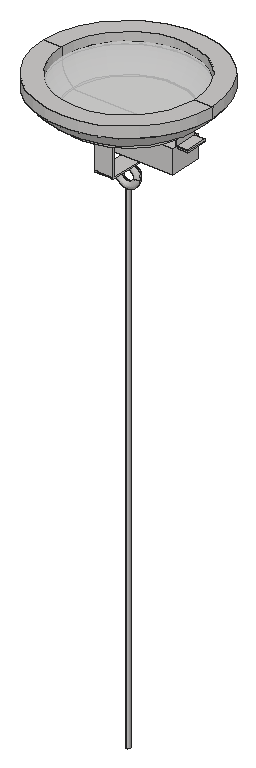
Revit family "0039310", category Lighting Fixtures, host Face, Revit 2017
Family settings
  Host = Face
  Round Connector Dimension = Use Diameter
  Part Type = Normal
  OmniClass Number = 23.80.70.11.17
  OmniClass Title = Specialized Lighting by Location or Use
  Cut with Voids When Loaded = No
  Light Source = Yes
  Shared = No
  Room Calculation Point = No
Parameters (values of type "START LED HIGHBAY 4000K 10KLM EB WIDE")
  Weight = 2.5 kg
  Wattage = 95 W
  built-in parameter 1150110 = 1 (stored number, unit not read)
  Voltage Comments = "UNV (Universal Voltage; 220-240 Volt)"  # constant formula
  Voltage = 230 V  # constant formula
  URL = "https://www.sylvania-lighting.com"
  Radius = 140.2 mm
  Mounting Material = Metal_Sylvania_Start LED HighBay_Silver
  Mounting Height = 1000.0 mm
  Mounting Radius = 50.0 mm
  Mounting Brackets Distance = Radius - 45.5 mm  # 94.7 mm
  Mounting Bracket Width = 100.0 mm
  Mounting Bracket Length = 30.0 mm
  Housing Material = Magnesium_Sylvania_Start LED HighBay_Silver_RAL 9006
  Energy Class = "A++,A+,A"  # constant formula
  Electrical Protection = "CLASS I"  # constant formula
  Diffuser Radius = Radius - 30.0 mm  # 110.2 mm
  built-in parameter 1114217 = 1 (stored number, unit not read)
  Tilt Angle = -90°
  built-in parameter 1150109 = 1 (stored number, unit not read)
  built-in parameter 1150134 = 12
  built-in parameter 1150113 = 1 (stored number, unit not read)
  Product Page URL = "https://www.sylvania-lighting.com/product/en-int/products/0039310"
  Product Family = "Start LED Highbay"  # constant formula
  Photometry Comments = ""
  Photometric Web File = "0039310_STARTLEDHIGHBAY4000K10KLMEBWIDE-192550.ies"
  Life = "50 000 h"  # constant formula
  IP Rating = "IP65"  # constant formula
  IK Rating = "IK08"  # constant formula
  Emit from Circle Diameter = Diffuser Diameter  # 220.4 mm
  Drive Current = "2450 mA"
  Diffuser Diameter = Diameter - 60.0 mm  # 220.4 mm
  Diffuser Material = Polycarbonate_Sylvania_Start LED HighBay_Clear
  built-in parameter 1114216 [instance] = 1 (stored number, unit not read)
  Model = "START LED HIGHBAY 4000K 10KLM EB WIDE"
  Manufacturer = "Feilo-Sylvania Group"
  built-in parameter 1150105 = 840.51 (stored number, unit not read)
  Lumens = 10562.1 lm
  built-in parameter 1150115 = 1 (stored number, unit not read)
  built-in parameter 1150137 = (empty or 0)
  built-in parameter 1150139 = (empty or 0)
  built-in parameter 1150112 = 1 (stored number, unit not read)
  built-in parameter 1150114 = 1 (stored number, unit not read)
  Lamp = "LED Panel"  # constant formula
  built-in parameter 1150132 = 2
  built-in parameter 1150102 = (empty or 0)
  built-in parameter 1150107 = 4000 (stored number, unit not read)
  built-in parameter 1150138 = (empty or 0)
  built-in parameter 1150106 = 8.4051 (stored number, unit not read)
  Diameter = Radius * 2  # 280.4 mm
  Emit Shape Visible in Rendering = yes
  built-in parameter 1150104 = 10.329 (stored number, unit not read)
  Dimming Lamp Color Temperature Shift = <None>
  Description = "The new Start LED Highbay is a range of industrial fixtures developed for retail, industry, manufacturing, airports and data centres. Start LED Highbay delivers high performance: up to 21,573 lm (luminaire lumen output on 190W version) and delivers up to 114 lm/W (total system efficiency). Start LED Highbay is available in 2 versions (95W or 190W) and 2 beam angles (medium or wide beam), allowing you to choose the best option depending the job on hand. Being part of the EVO LED range of luminaires means Start LED Highbay has been developed for efficiency, functionality and reliability; making it the go-to range for installers and contractors."  # constant formula
  Default Elevation = 0.0 mm
  Color Filter = 16777215
  Catalog Number = "0039310 START LED HIGHBAY 4000K 10KLM EB WIDE"
  built-in parameter 1140040 [instance] = 1
  Beam Angle = 85°
  built-in parameter 1114218 = 1 (stored number, unit not read)
  built-in parameter 1150133 = 10 (stored number, unit not read)
  Assembly Code = "D5020200"
  Apparent Load Comments = ""
  Apparent Load = 95 VA
Reference planes
  plane 1 "Center (Front/Back)": y = 0
  plane 2 "Fixture Top": z = 0
  plane 3 "Center (Left/Right)": x = 0
  plane 4 "Fixture Bottom": z = 1000
  plane 5: z = 982
  plane 6 "Head Top": z = 942
  plane 7: z = 986.5
  plane 8: z = 850
  plane 9: z = 932
  plane 10: z = 894.5
  plane 11: z = 870
  plane 12: z = 945
  plane 13: y = -50
  plane 14: y = 50
  plane 15: x = 15
  plane 16: x = -15
  plane 17: y = -17.5
  plane 18: y = 17.5
  plane 19: x = -94.7
  plane 20: x = 94.7
  plane 21: y = -25.5
  plane 22: y = 25.5
Forms (mm)
  Revolve 1, solid, material "Magnesium_Sylvania_Start LED HighBay_Silver_RAL 9006" <- "Housing Material", detail levels fine
    sketch origin (0, 0, 0) x (1, 0, 0) y (0, 0, 1)
      loop
        line (-140.2, 1000) -> (-140.2, 982)
        arc (-140.2, 982) -> (-119.514, 960.962) -> (-94.7, 945) r 133.031
        line (-94.7, 945) -> (-94.7, 942) -> (0, 942) -> (0, 945) -> (-91.718, 945) -> (-91.718, 947)
        arc (-91.718, 947) -> (-105.296, 962.21) -> (-110.2, 982) r 42.382
        line (-110.2, 982) -> (-110.2, 1000) -> (-140.2, 1000)
      axis (0, 1000) -> (0, 942)
    angle from 0 to 360
  Extrusion 2, solid, material "Metal_Sylvania_Start LED HighBay_Silver" <- "Mounting Material", detail levels fine
    sketch origin (0, 0, 0) x (0, 1, 0) y (0, 0, 1)
      loop
        line (50, 942) -> (48, 942) -> (48, 874)
        arc (48, 874) -> (47.414, 872.586) -> (46, 872) r 2
        line (46, 872) -> (-46, 872)
        arc (-46, 872) -> (-47.414, 872.586) -> (-48, 874) r 2
        line (-48, 874) -> (-48, 942) -> (-50, 942) -> (-50, 872)
        arc (-50, 872) -> (-49.414, 870.586) -> (-48, 870) r 2
        line (-48, 870) -> (48, 870)
        arc (48, 870) -> (49.414, 870.586) -> (50, 872) r 2
        line (50, 872) -> (50, 942)
    from -15 to 15
  Sweep 3, solid, material "Metal_Sylvania_Start LED HighBay_Silver" <- "Mounting Material", detail levels fine
    path origin (0, 0, 0) x (1, 0, 0) y (0, 0, 1)
      loop
        circle (0, 850) r 15
    profile origin (0, 0, 865) x (0, 0, -1) y (0, -1, 0)
      loop
        circle (0, 0) r 5
  Extrusion 4, solid, material "Magnesium_Sylvania_Start LED HighBay_Silver_RAL 9006" <- "Housing Material", detail levels fine
    sketch origin (0, 0, 0) x (1, 0, 0) y (0, 0, 1)
      loop
        line (-94.7, 942) -> (-94.7, 934) -> (-112.7, 934) -> (-112.7, 932) -> (-92.7, 932) -> (-92.7, 940) -> (-74.7, 940) -> (-74.7, 942) -> (-94.7, 942)
      loop
        line (94.7, 942) -> (74.7, 942) -> (74.7, 940) -> (92.7, 940) -> (92.7, 932) -> (112.7, 932) -> (112.7, 934) -> (94.7, 934) -> (94.7, 942)
    from -17.5 to 17.5
  Extrusion 5, solid, material "Magnesium_Sylvania_Start LED HighBay_Silver_RAL 9006" <- "Housing Material", detail levels fine
    sketch origin (0, 0, 0) x (0, 1, 0) y (0, 0, 1)
      loop
        line (25.5, 894.5) -> (25.5, 932) -> (-25.5, 932) -> (-25.5, 894.5) -> (25.5, 894.5)
    from -94.7 to 94.7
  Extrusion 6, solid, material "Magnesium_Sylvania_Start LED HighBay_Silver_RAL 9006" <- "Housing Material", detail levels fine
    sketch origin (0, 0, 0) x (1, 0, 0) y (0, 0, 1)
      loop
        line (-112.7, 932) -> (-112.7, 930) -> (-94.7, 930) -> (-94.7, 932) -> (-112.7, 932)
      loop
        line (112.7, 932) -> (94.7, 932) -> (94.7, 930) -> (112.7, 930) -> (112.7, 932)
    from -17.5 to 17.5
  Extrusion 7, solid, material "Metal_Sylvania_Start LED HighBay_Silver" <- "Mounting Material", detail levels fine
    sketch origin (0, 0, 13.919) x (0, -1, 0) y (1, 0, 0)
      loop
        circle (0, 0) r 3
    from -13.919 to 821.081
  Extrusion 8, solid, material "Polycarbonate_Sylvania_Start LED HighBay_Clear" <- "Diffuser Material", detail levels fine
    sketch origin (0, 0, 15) x (0, -1, 0) y (1, 0, 0)
      loop
        circle (0, 0) r 110.2
    from 967 to 971.5
  Revolve 9, solid, material "Magnesium_Sylvania_Start LED HighBay_Silver_RAL 9006" <- "Housing Material", detail levels coarse+medium
    sketch origin (0, 0, 0) x (1, 0, 0) y (0, 0, 1)
      loop
        line (-140.2, 1000) -> (-140.2, 982)
        arc (-140.2, 982) -> (-119.514, 960.962) -> (-94.7, 945) r 133.031
        line (-94.7, 945) -> (-94.7, 942) -> (0, 942) -> (0, 1000) -> (-140.2, 1000)
      axis (0, 942) -> (0, 1000)
    angle from 0 to 360
  Extrusion 10, solid, material "Metal_Sylvania_Start LED HighBay_Silver" <- "Mounting Material", detail levels coarse+medium
    sketch origin (0, 0, 15) x (0, -1, 0) y (1, 0, 0)
      loop
        line (-50, -15) -> (50, -15) -> (50, 15) -> (-50, 15) -> (-50, -15)
    from 855 to 927
Cuts and joins
  joined: Extrusion 5, Extrusion 6
  joined: Sweep 3, Extrusion 7
Lines and regions (mm)
  model lines, detail levels coarse+medium
    curve 1: line (0, 0, 870) -> (0, 0, 0)
Dimensions and locks
  "Radius": plane 3 "Center (Left/Right)" to Revolve 1 sketch curve
  "Diffuser Radius": plane 3 "Center (Left/Right)" to Revolve 1 sketch curve
  locked: Revolve 1 sketch curve to Revolve 1 sketch curve at 45.5
  locked: Revolve 1 sketch curve to Revolve 1 sketch curve at 48.482
  equal spacing: plane 14, plane 1 "Center (Front/Back)", plane 13
  "Mounting Bracket Width": plane 14 to plane 13
  locked: plane 14 to Extrusion 2 sketch curve at 2
  locked: Extrusion 2 sketch curve to plane 13 at 2
  locked: Extrusion 2 sketch curve to plane 11 at 2
  equal spacing: plane 16, plane 3 "Center (Left/Right)", plane 15
  "Mounting Bracket Length": plane 16 to plane 15
  plane 17 to plane 21 to plane 13 = 8.0 mm locked, 24.5 mm
  plane 14 to plane 22 to plane 18 = 24.5 mm locked, 8.0 mm
  locked: plane 9 to Extrusion 4 sketch curve at 2  (x2)
  locked: Extrusion 4 sketch curve to plane 6 "Head Top" at 2  (x2)
  Extrusion 4 sketch curve to Extrusion 4 sketch curve to Extrusion 4 sketch curve to Extrusion 4 sketch curve = 18.0 mm locked, 2.0 mm locked, 18.0 mm locked  (x2)
  "Mounting Brackets Distance": Extrusion 4 sketch curve to plane 3 "Center (Left/Right)"  (x2)
  plane 1 "Center (Front/Back)" to Extrusion 5 sketch curve = 25.5 mm
  Extrusion 5 sketch curve to plane 1 "Center (Front/Back)" = 25.5 mm
  locked: plane 9 to Extrusion 6 sketch curve at 2
  locked: Extrusion 6 sketch curve to Extrusion 6 sketch curve at 2
  locked: plane 8 to Extrusion 7 at 15
  plane 4 "Fixture Bottom" to plane 7 to plane 5 to plane 12 to plane 6 "Head Top" to plane 9 to plane 10 to plane 11 to plane 8 = 13.5 mm locked, 4.5 mm locked, 37.0 mm, 3.0 mm locked, 10.0 mm locked, 37.5 mm locked, 24.5 mm locked, 20.0 mm locked
  "Mounting Height": plane 4 "Fixture Bottom" to plane 2 "Fixture Top"
  locked: Revolve 9 sketch curve to Revolve 9 sketch curve at 45.5
  "Radius": imposter light to Revolve 9 sketch curve
  locked: Revolve 1 sketch curve to plane 12 at 2
  equal spacing: plane 20, plane 3 "Center (Left/Right)", plane 19
  "Mounting Brackets Distance": plane 3 "Center (Left/Right)" to plane 19
  "Diffuser Diameter": diameter of Extrusion 8 sketch curve
  aligned and locked: plane 2 "Fixture Top" to host face
  aligned and locked: level to host face
  aligned and locked: plane 1 "Center (Front/Back)" to imposter light
  aligned and locked: Revolve 1 sketch curve to plane 6 "Head Top"
  aligned and locked: Revolve 1 sketch curve to plane 3 "Center (Left/Right)"  (x2)
  aligned and locked: plane 5 to Revolve 1 sketch curve  (x2)
  aligned and locked: plane 4 "Fixture Bottom" to Revolve 1 sketch curve
  aligned and locked: Revolve 1 sketch curve to plane 12
  aligned and locked: Extrusion 2 sketch curve to plane 14
  aligned and locked: plane 13 to Extrusion 2 sketch curve
  aligned and locked: plane 6 "Head Top" to Extrusion 2 sketch curve
  aligned and locked: Extrusion 2 sketch curve to plane 11
  aligned and locked: Extrusion 2 to plane 15
  aligned and locked: Extrusion 2 to plane 16
  aligned and locked: plane 17 to Extrusion 4
  aligned and locked: plane 18 to Extrusion 4
  aligned and locked: plane 9 to Extrusion 5 sketch curve
  aligned and locked: Extrusion 5 sketch curve to plane 10
  aligned and locked: plane 20 to Extrusion 5
  aligned and locked: plane 19 to Extrusion 5
  aligned and locked: Extrusion 6 sketch curve to Extrusion 4  (x4)
  aligned and locked: plane 19 to Extrusion 6 sketch curve
  aligned and locked: Extrusion 6 sketch curve to plane 20
  aligned and locked: plane 18 to Extrusion 6
  aligned and locked: plane 17 to Extrusion 6
  aligned and locked: cut or joined group of Sweep 3, Extrusion 7 to plane 2 "Fixture Top"
  aligned and locked: plane 7 to Extrusion 8
  aligned and locked: Extrusion 8 to plane 5
  aligned and locked: imposter light to plane 4 "Fixture Bottom"
  aligned and locked: plane 3 "Center (Left/Right)" to imposter light
  aligned and locked: imposter light to Revolve 9 sketch curve
  aligned and locked: plane 5 to Revolve 9 sketch curve
  aligned and locked: plane 12 to Revolve 9 sketch curve
  aligned and locked: Revolve 9 sketch curve to plane 6 "Head Top"
  aligned and locked: Revolve 9 sketch curve to plane 3 "Center (Left/Right)"
  aligned and locked: Revolve 9 sketch curve to imposter light
  aligned and locked: plane 15 to Extrusion 10 sketch curve
  aligned and locked: Extrusion 10 sketch curve to plane 16
  aligned and locked: plane 14 to Extrusion 10 sketch curve
  aligned and locked: Extrusion 10 sketch curve to plane 13
  aligned and locked: plane 6 "Head Top" to Extrusion 10
  aligned and locked: Extrusion 10 to plane 11
  aligned and locked: plane 2 "Fixture Top" to curve 1
  aligned and locked: curve 1 to plane 3 "Center (Left/Right)"
  aligned and locked: plane 11 to curve 1
  aligned and locked: plane 21 to cut or joined group of Extrusion 5, Extrusion 6
  aligned and locked: plane 22 to cut or joined group of Extrusion 5, Extrusion 6
Automatic sketch dimensions
  host sketch curve to host sketch curve = 1305.563 mm
  host sketch curve to host sketch curve = 1283.632 mm
  Extrusion 2 sketch curve to plane 6 "Head Top" = 0.0 mm
  Extrusion 2 sketch curve to plane 13 = 2.0 mm
  Extrusion 2 sketch curve to Extrusion 2 sketch curve = 2.0 mm  (x2)
  plane 14 to Extrusion 2 sketch curve = 2.0 mm
  Sweep 3 sketch curve to plane 3 "Center (Left/Right)" = 0.0 mm
  Sweep 3 sketch curve to plane 8 = 0.0 mm
  Sweep 3 sketch curve to plane 1 "Center (Front/Back)" = 0.0 mm
  Sweep 3 sketch curve to profile plane = 0.0 mm
  plane 1 "Center (Front/Back)" to Extrusion 7 sketch curve = 0.0 mm
  Extrusion 7 sketch curve to plane 3 "Center (Left/Right)" = 0.0 mm
  Revolve 1 sketch curve to plane 12 = 0.0 mm
  plane 16 to Revolve 1 sketch curve = 20.583 mm
  Revolve 1 sketch curve to level = 372.274 mm
  Revolve 1 sketch curve to Revolve 1 sketch curve = 303.842 mm
  Extrusion 4 sketch curve to plane 9 = 0.0 mm  (x2)
  Extrusion 4 sketch curve to plane 6 "Head Top" = 0.0 mm  (x2)
  plane 1 "Center (Front/Back)" to Extrusion 8 sketch curve = 0.0 mm
  Extrusion 8 sketch curve to plane 3 "Center (Left/Right)" = 0.0 mm
  plane 16 to Revolve 9 sketch curve = 20.583 mm
  Revolve 9 sketch curve to plane 8 = 154.8 mm
  Revolve 9 sketch curve to Revolve 9 sketch curve = 240.626 mm
  radius of Sweep 3 sketch curve = 15.0 mm
  radius of Sweep 3 sketch curve = 5.0 mm
  radius of Extrusion 7 sketch curve = 3.0 mm
Connectors
  electrical at (0, 0, 0), driven by "Voltage", driven by "Apparent Load"
    settings: on cut or joined group of Sweep 3, Extrusion 7, index 1, voltage 230 V, apparent load 0 VA, apparent load phase1 95 VA, apparent load phase2 0 VA, apparent load phase3 0 VA, power factor 1, load classification "Lighting", number of poles 1, system type 31, power factor state 1, is connector primary yes, connector utility no, sub classification motor no, connector description ""
